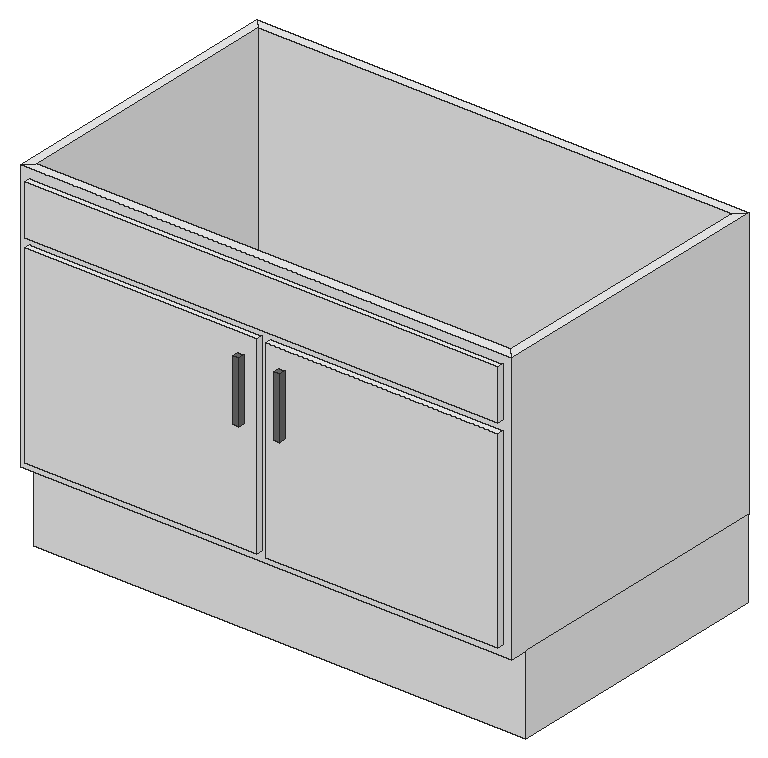
Revit family
Parameters (values of type "1000mm")
  Cabinet Material = none
  Depth = 600 mm
  Door/Drawer Material = none
  Handle Material = Cabinets - Handles
  Height = 710 mm
  Plinth Depth = 35 mm
  Plinth Height = 160 mm
  Width = 1000 mm
Types (4, lengths in mm): name | Width
  (no name) | 1000
  1000mm | 1000
  900mm | 900
  1200mm | 1200
Reference planes
  plane 1 "Back": y = 0
  plane 2: z = 0
  plane 3 "Center": x = 18.738
  plane 4 "Left": x = -481.262
  plane 5 "Right": x = 518.738
  plane 6 "Front": y = -600
  plane 7 "Top": z = 710
  plane 8: y = -565
  plane 9: z = 160
  plane 10: z = 690.95
  plane 11: z = 179.05
  plane 12: x = -462.212
  plane 13: x = 499.688
  plane 14: z = 589.35
  plane 15: z = 570.3
  plane 16: z = 532.2
  plane 17: z = 430.6
  plane 18: x = -16.187
  plane 19: x = -28.887
  plane 20: x = 9.213
  plane 21: x = 28.263
  plane 22: x = 53.663
  plane 23: x = 66.363
  plane 24: z = 374.675
Forms (mm)
  Extrusion 1, solid, material <- "Cabinet Material"
    sketch origin (0, 0, 0) x (1, 0, 0) y (0, 1, 0)
      loop
        line (-481.262, 0) -> (-481.262, -565) -> (518.738, -565) -> (518.738, 0) -> (-481.262, 0)
    from 0 to 160
  Sweep 2, solid, material <- "Cabinet Material"
    path origin (0, 0, 0) x (1, 0, 0) y (0, 1, 0)
      loop
        line (518.738, 0) -> (-481.262, 0) -> (-481.262, -600) -> (518.738, -600) -> (518.738, 0)
    profile origin (0, -300, 0) x (1, 0, 0) y (0, 0, 1)
      loop
        line (518.738, 160) -> (518.738, 710) -> (499.688, 710) -> (499.688, 160) -> (518.738, 160)
  Extrusion 3, solid, material <- "Cabinet Material"
    sketch origin (0, 0, 0) x (1, 0, 0) y (0, 1, 0)
      loop
        line (-462.212, -19.05) -> (-462.212, -580.95) -> (499.688, -580.95) -> (499.688, -19.05) -> (-462.212, -19.05)
    from 179.05 to 160
  Extrusion 4, solid, material <- "Door/Drawer Material"
    sketch origin (0, -600, 0) x (1, 0, 0) y (0, 0, 1)
      loop
        line (-462.212, 570.3) -> (-462.212, 179.05) -> (9.213, 179.05) -> (9.213, 570.3) -> (-462.212, 570.3)
      loop
        line (28.263, 570.3) -> (28.263, 179.05) -> (499.688, 179.05) -> (499.688, 570.3) -> (28.263, 570.3)
      loop
        line (-462.212, 690.95) -> (-462.212, 589.35) -> (499.688, 589.35) -> (499.688, 690.95) -> (-462.212, 690.95)
    from 0 to 12.7
  Extrusion 5, solid, material "Cabinets - Handles" <- "Handle Material"
    sketch origin (0, -600, 0) x (1, 0, 0) y (0, 0, 1)
      loop
        line (-28.887, 532.2) -> (-28.887, 407.47) -> (-16.187, 407.47) -> (-16.187, 532.2) -> (-28.887, 532.2)
      loop
        line (53.663, 532.2) -> (53.663, 407.47) -> (66.363, 407.47) -> (66.363, 532.2) -> (53.663, 532.2)
    from 12.7 to 25.4
Lines and regions (mm)
  symbolic lines, style "Plan Rep - Below"
    curve 1: line (518.738, -600, 0) -> (-481.262, -600, 0)
    curve 2: line (518.738, 0, 0) -> (518.738, -600, 0)
    curve 3: line (-481.262, 0, 0) -> (518.738, 0, 0)
    curve 4: line (-481.262, -600, 0) -> (-481.262, 0, 0)
  model lines
    curve 5: line (499.688, -600, 589.35) -> (-462.212, -600, 589.35)
    curve 6: line (499.688, -600, 690.95) -> (499.688, -600, 589.35)
    curve 7: line (-462.212, -600, 690.95) -> (499.688, -600, 690.95)
    curve 8: line (-462.212, -600, 589.35) -> (-462.212, -600, 690.95)
    curve 9: line (499.688, -600, 179.05) -> (28.263, -600, 179.05)
    curve 10: line (499.688, -600, 570.3) -> (499.688, -600, 179.05)
    curve 11: line (-462.212, -600, 570.3) -> (9.213, -600, 570.3)
    curve 12: line (-462.212, -600, 179.05) -> (-462.212, -600, 570.3)
    curve 13: line (-28.887, -600, 532.2) -> (-16.187, -600, 532.2)
    curve 14: line (-28.887, -600, 430.6) -> (-28.887, -600, 532.2)
    curve 15: line (-16.187, -600, 430.6) -> (-28.887, -600, 430.6)
    curve 16: line (-16.187, -600, 532.2) -> (-16.187, -600, 430.6)
    curve 17: line (28.263, -600, 179.05) -> (28.263, -600, 570.3)
    curve 18: line (9.213, -600, 179.05) -> (9.213, -600, 570.3)
    curve 19: line (66.363, -600, 532.2) -> (53.663, -600, 532.2)
    curve 20: line (66.363, -600, 430.6) -> (66.363, -600, 532.2)
    curve 21: line (53.663, -600, 430.6) -> (66.363, -600, 430.6)
    curve 22: line (53.663, -600, 532.2) -> (53.663, -600, 430.6)
    curve 23: line (28.263, -600, 570.3) -> (499.688, -600, 570.3)
    curve 24: line (9.213, -600, 179.05) -> (-462.212, -600, 179.05)
  symbolic lines, style "Elevation Swing"
    curve 25: line (9.213, 0, 570.3) -> (-462.212, 0, 374.675)
    curve 26: line (-462.212, 0, 374.675) -> (9.213, 0, 179.05)
    curve 27: line (28.263, 0, 179.05) -> (499.688, 0, 374.675)
    curve 28: line (499.688, 0, 374.675) -> (28.263, 0, 570.3)
Dimensions and locks
  "Depth": plane 6 "Front" to plane 1 "Back"
  "Width": plane 4 "Left" to plane 5 "Right"
  equal spacing: plane 4 "Left", plane 3 "Center", plane 5 "Right"
  "Height": level to plane 7 "Top"
  "Plinth Height": plane 2 to plane 9
  "Plinth Depth": plane 6 "Front" to plane 8
  locked: plane 4 "Left" to plane 12 at 19.05
  locked: plane 13 to plane 5 "Right" at 19.05
  locked: plane 7 "Top" to plane 10 at 19.05
  locked: plane 11 to plane 9 at 19.05
  plane 10 to plane 14 to plane 15 = 101.6 mm locked, 19.05 mm locked
  plane 15 to plane 16 to plane 17 = 38.1 mm locked, 101.6 mm locked
  plane 21 to plane 3 "Center" to plane 20 = 9.525 mm locked, 9.525 mm locked
  plane 20 to plane 18 to plane 19 = 25.4 mm locked, 12.7 mm locked
  plane 21 to plane 22 to plane 23 = 25.4 mm locked, 12.7 mm locked
  equal spacing: plane 15, plane 24, plane 11
  aligned and locked: plane 1 "Back" to Extrusion 1 sketch curve
  aligned and locked: Extrusion 1 sketch curve to plane 5 "Right"
  aligned and locked: Extrusion 1 sketch curve to plane 8
  aligned and locked: plane 4 "Left" to Extrusion 1 sketch curve
  aligned and locked: Extrusion 1 to level
  aligned and locked: Sweep 2 sketch curve to plane 6 "Front"
  aligned and locked: plane 1 "Back" to Sweep 2 sketch curve
  aligned and locked: Sweep 2 sketch curve to plane 5 "Right"  (x2)
  aligned and locked: plane 4 "Left" to Sweep 2 sketch curve
  aligned and locked: plane 7 "Top" to Sweep 2 sketch curve
  aligned and locked: plane 9 to Sweep 2 sketch curve
  aligned and locked: Sweep 2 to Extrusion 3 sketch curve  (x2)
  aligned and locked: Extrusion 3 sketch curve to Sweep 2  (x2)
  aligned and locked: Extrusion 3 to plane 11
  aligned and locked: Extrusion 3 to plane 9
  aligned and locked: plane 9 to Extrusion 1
Automatic sketch dimensions
  profile plane to Sweep 2 sketch curve = 19.05 mm
  curve 1 to plane 4 "Left" = 0 mm
  curve 3 to plane 1 "Back" = 0 mm
  curve 3 to plane 5 "Right" = 0 mm
  curve 1 to plane 6 "Front" = 0 mm
  Extrusion 4 sketch curve to plane 11 = 0 mm  (x2)
  Extrusion 4 sketch curve to plane 12 = 0 mm  (x2)
  Extrusion 4 sketch curve to plane 15 = 0 mm  (x2)
  Extrusion 4 sketch curve to plane 20 = 0 mm
  Extrusion 4 sketch curve to plane 21 = 0 mm
  Extrusion 4 sketch curve to plane 10 = 0 mm
  Extrusion 4 sketch curve to plane 13 = 0 mm  (x2)
  Extrusion 4 sketch curve to plane 14 = 0 mm
  Extrusion 5 sketch curve to plane 19 = 0 mm
  Extrusion 5 sketch curve to plane 18 = 0 mm
  Extrusion 5 sketch curve to plane 16 = 0 mm  (x2)
  Extrusion 5 sketch curve to plane 22 = 0 mm
  Extrusion 5 sketch curve to plane 23 = 0 mm
  plane 17 to Extrusion 5 sketch curve = 23.13 mm  (x2)
  curve 5 to plane 13 = 0 mm
  curve 27 to plane 13 = 0 mm
  curve 23 to plane 13 = 0 mm
  curve 20 to plane 17 = 0 mm
  curve 20 to plane 23 = 0 mm
  curve 21 to plane 22 = 0 mm
  curve 9 to plane 11 = 0 mm
  curve 9 to plane 21 = 0 mm
  curve 27 to plane 11 = 0 mm
  curve 27 to plane 21 = 0 mm
  curve 28 to plane 15 = 0 mm
  curve 28 to plane 21 = 0 mm
  curve 11 to plane 15 = 0 mm
  curve 11 to plane 20 = 0 mm
  curve 26 to plane 11 = 0 mm
  curve 26 to plane 20 = 0 mm
  curve 25 to plane 15 = 0 mm
  curve 25 to plane 20 = 0 mm
  curve 13 to plane 16 = 0 mm
  curve 13 to plane 18 = 0 mm
  curve 15 to plane 17 = 0 mm
  curve 15 to plane 19 = 0 mm
  curve 12 to plane 11 = 0 mm
  curve 12 to plane 12 = 0 mm
  curve 8 to plane 10 = 0 mm
  curve 8 to plane 12 = 0 mm
  curve 25 to plane 12 = 0 mm
  curve 6 to plane 14 = 0 mm
  curve 23 to plane 15 = 0 mm
  curve 19 to plane 16 = 0 mm
  curve 25 to plane 24 = 0 mm
  curve 27 to plane 24 = 0 mm
